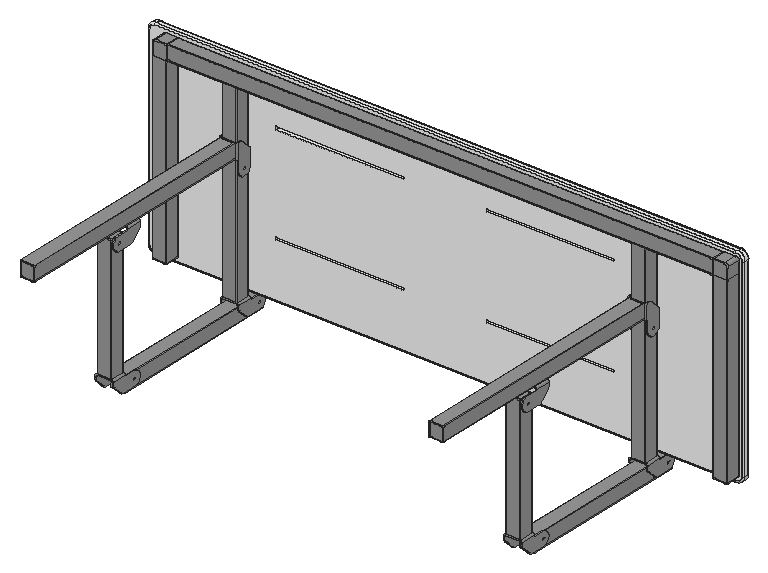
Revit family "Care Support Shower Seat", category Specialty Equipment, host Face, Revit 2020 (continued)
Lines and regions (mm)
  Masking region 1
    outline origin (0, 470, 500) x (0, 0, 1) y (1, 0, 0)
      loop
        arc (-476, -362.5) -> (-475.293, -362.207) -> (-475, -361.5) r 1
  Masking region 2
    outline origin (300, -500, 0) x (0, 1, 0) y (0, 0, 1)
      loop
        line (931.75, 255) -> (721.75, 255) -> (721.75, 248.142)
        arc (721.75, 248.142) -> (720.989, 244.316) -> (718.821, 241.071) r 10
        line (718.821, 241.071) -> (706.679, 228.929)
        arc (706.679, 228.929) -> (703.434, 226.761) -> (699.608, 226) r 10
        line (699.608, 226) -> (690, 226) -> (690, 33.25) -> (690, 29.75)
        arc (690, 29.75) -> (690.586, 28.336) -> (692, 27.75) r 2
        line (692, 27.75) -> (709.25, 27.75)
        arc (709.25, 27.75) -> (713.269, 27.041) -> (716.804, 25) r 11.75
        line (716.804, 25) -> (933.097, 25)
        arc (933.097, 25) -> (933.024, 25.695) -> (933, 26.392) r 10
        line (933, 26.392) -> (933, 254.561)
        arc (933, 254.561) -> (932.412, 254.887) -> (931.75, 255) r 2
      loop
        line (500, 255) -> (696.75, 255) -> (696.75, 251.5)
        arc (696.75, 251.5) -> (696.164, 250.086) -> (694.75, 249.5) r 2
        line (694.75, 249.5) -> (677.5, 249.5)
        arc (677.5, 249.5) -> (674.79, 249.183) -> (672.226, 248.25) r 11.75
        line (672.226, 248.25) -> (666, 248.25)
        arc (666, 248.25) -> (665.293, 247.957) -> (665, 247.25) r 1
        line (665, 247.25) -> (665, 33.25) -> (665, 26.392)
        arc (665, 26.392) -> (665.761, 22.566) -> (667.929, 19.321) r 10
        line (667.929, 19.321) -> (680.071, 7.179)
        arc (680.071, 7.179) -> (683.316, 5.011) -> (687.142, 4.25) r 10
        line (687.142, 4.25) -> (695.25, 4.25) -> (695.25, 0) -> (988.5, 0)
        arc (988.5, 0) -> (989.207, 0.293) -> (989.5, 1) r 1
        line (989.5, 1) -> (989.5, 24)
        arc (989.5, 24) -> (989.207, 24.707) -> (988.5, 25) r 1
        line (988.5, 25) -> (984.804, 25)
        arc (984.804, 25) -> (981.269, 27.041) -> (977.25, 27.75) r 11.75
        line (977.25, 27.75) -> (960, 27.75)
        arc (960, 27.75) -> (958.586, 28.336) -> (958, 29.75) r 2
        line (958, 29.75) -> (958, 42.5)
        arc (958, 42.5) -> (958.732, 40.732) -> (960.5, 40) r 2.5
        line (960.5, 40) -> (967.5, 40)
        arc (967.5, 40) -> (969.268, 40.732) -> (970, 42.5) r 2.5
        line (970, 42.5) -> (970, 392.5)
        arc (970, 392.5) -> (969.268, 394.268) -> (967.5, 395) r 2.5
        line (967.5, 395) -> (960.5, 395)
        arc (960.5, 395) -> (958.732, 394.268) -> (958, 392.5) r 2.5
        line (958, 392.5) -> (958, 387.5) -> (933, 387.5) -> (933, 280) -> (500, 280) -> (500, 255)
  Masking region 3
    outline origin (0, -500, 362.5) x (-1, 0, 0) y (0, -1, 0)
      loop
        arc (507.5, -970) -> (509.268, -969.268) -> (510, -967.5) r 2.5
        line (510, -967.5) -> (510, -960.5)
        arc (510, -960.5) -> (509.268, -958.732) -> (507.5, -958) r 2.5
        line (507.5, -958) -> (502.5, -958) -> (502.5, -933) -> (362.5, -933) -> (362.5, -721.75) -> (365.8, -721.75) -> (365.8, -696.75) -> (365.8, -665.75) -> (363.8, -665.75) -> (363.8, -696.75) -> (362.5, -696.75) -> (362.5, -500) -> (337.5, -500) -> (337.5, -696.75) -> (336.2, -696.75) -> (336.2, -665.75) -> (334.2, -665.75) -> (334.2, -696.75) -> (334.2, -721.75) -> (337.5, -721.75) -> (337.5, -933) -> (-337.5, -933) -> (-337.5, -721.75) -> (-334.2, -721.75) -> (-334.2, -696.75) -> (-334.2, -665.75) -> (-336.2, -665.75) -> (-336.2, -696.75) -> (-337.5, -696.75) -> (-337.5, -500) -> (-362.5, -500) -> (-362.5, -696.75) -> (-363.8, -696.75) -> (-363.8, -665.75) -> (-365.8, -665.75) -> (-365.8, -696.75) -> (-365.8, -721.75) -> (-362.5, -721.75) -> (-362.5, -933) -> (-502.5, -933) -> (-502.5, -958) -> (-507.5, -958)
        arc (-507.5, -958) -> (-509.268, -958.732) -> (-510, -960.5) r 2.5
        line (-510, -960.5) -> (-510, -967.5)
        arc (-510, -967.5) -> (-509.268, -969.268) -> (-507.5, -970) r 2.5
        line (-507.5, -970) -> (-365.8, -970) -> (-365.8, -989) -> (-363.8, -989) -> (-363.8, -970) -> (-362.5, -970) -> (-362.5, -988.5)
        arc (-362.5, -988.5) -> (-362.207, -989.207) -> (-361.5, -989.5) r 1
        line (-361.5, -989.5) -> (-338.5, -989.5)
        arc (-338.5, -989.5) -> (-337.793, -989.207) -> (-337.5, -988.5) r 1
        line (-337.5, -988.5) -> (-337.5, -970) -> (-336.2, -970) -> (-336.2, -989) -> (-334.2, -989) -> (-334.2, -970) -> (334.2, -970) -> (334.2, -989) -> (336.2, -989) -> (336.2, -970) -> (337.5, -970) -> (337.5, -988.5)
        arc (337.5, -988.5) -> (337.793, -989.207) -> (338.5, -989.5) r 1
        line (338.5, -989.5) -> (361.5, -989.5)
        arc (361.5, -989.5) -> (362.207, -989.207) -> (362.5, -988.5) r 1
        line (362.5, -988.5) -> (362.5, -970) -> (363.8, -970) -> (363.8, -989) -> (365.8, -989) -> (365.8, -970) -> (507.5, -970)
  symbolic lines
    curve 1: line (300, 433, 280) -> (300, 428.25, 280)
    curve 2: line (300, 428.25, 280) -> (300, 0, 280)
    curve 3: line (300, 0, 280) -> (300, 0, 255)
    curve 4: line (300, 0, 255) -> (300, 431.75, 255)
    curve 5: line (300, 458, 33.25) -> (300, 458, 29.75)
    curve 6: arc (300, 458, 29.75) -> (300, 458.586, 28.336) -> (300, 460, 27.75) r 2
    curve 7: line (300, 460, 27.75) -> (300, 477.25, 27.75)
    curve 8: arc (300, 477.25, 27.75) -> (300, 489, 16) -> (300, 477.25, 4.25) r 11.75
    curve 9: line (300, 477.25, 4.25) -> (300, 455.142, 4.25)
    curve 10: arc (300, 455.142, 4.25) -> (300, 451.316, 5.011) -> (300, 448.071, 7.179) r 10
    curve 11: line (300, 448.071, 7.179) -> (300, 435.929, 19.321)
    curve 12: arc (300, 435.929, 19.321) -> (300, 433.761, 22.566) -> (300, 433, 26.392) r 10
    curve 13: line (300, 433, 26.392) -> (300, 433, 33.25)
    curve 14: line (300, 433, 33.25) -> (300, 433, 387.5)
    curve 15: line (300, 433, 387.5) -> (300, 458, 387.5)
    curve 16: line (300, 470, 42.5) -> (300, 470, 392.5)
    curve 17: arc (300, 470, 392.5) -> (300, 469.268, 394.268) -> (300, 467.5, 395) r 2.5
    curve 18: line (300, 467.5, 395) -> (300, 460.5, 395)
    curve 19: arc (300, 460.5, 395) -> (300, 458.732, 394.268) -> (300, 458, 392.5) r 2.5
    curve 20: line (300, 458, 392.5) -> (300, 458, 42.5)
    curve 21: arc (300, 458, 42.5) -> (300, 458.732, 40.732) -> (300, 460.5, 40) r 2.5
    curve 22: line (300, 460.5, 40) -> (300, 467.5, 40)
    curve 23: arc (300, 467.5, 40) -> (300, 469.268, 40.732) -> (300, 470, 42.5) r 2.5
    curve 24: line (300, 458, 47.5) -> (300, 433, 47.5)
    curve 25: line (300, 433, 33.25) -> (300, 458, 33.25)
    curve 26: line (300, 195.25, 4.25) -> (300, 195.25, 0)
    curve 27: line (300, 195.25, 0) -> (300, 488.5, 0)
    curve 28: arc (300, 488.5, 0) -> (300, 489.207, 0.293) -> (300, 489.5, 1) r 1
    curve 29: line (300, 489.5, 1) -> (300, 489.5, 24)
    curve 30: arc (300, 489.5, 24) -> (300, 489.207, 24.707) -> (300, 488.5, 25) r 1
    curve 31: line (300, 488.5, 25) -> (300, 484.804, 25)
    curve 32: line (300, 216.804, 25) -> (300, 433.097, 25)
    curve 33: circle (300, 477.25, 16) r 3.1 normal (1, 0, 0)
    curve 34: line (300, 209.25, 4.25) -> (300, 187.142, 4.25)
    curve 35: arc (300, 187.142, 4.25) -> (300, 183.316, 5.011) -> (300, 180.071, 7.179) r 10
    curve 36: line (300, 180.071, 7.179) -> (300, 167.929, 19.321)
    curve 37: arc (300, 167.929, 19.321) -> (300, 165.761, 22.566) -> (300, 165, 26.392) r 10
    curve 38: line (300, 165, 26.392) -> (300, 165, 33.25)
    curve 39: line (300, 165, 33.25) -> (300, 190, 33.25)
    curve 40: line (300, 190, 33.25) -> (300, 190, 29.75)
    curve 41: arc (300, 190, 29.75) -> (300, 190.586, 28.336) -> (300, 192, 27.75) r 2
    curve 42: line (300, 192, 27.75) -> (300, 209.25, 27.75)
    curve 43: arc (300, 209.25, 27.75) -> (300, 221, 16) -> (300, 209.25, 4.25) r 11.75
    curve 44: circle (300, 209.25, 16) r 3.1 normal (1, 0, 0)
    curve 45: line (300, 190, 33.25) -> (300, 190, 226)
    curve 46: line (300, 165, 33.25) -> (300, 165, 247.25)
    curve 47: line (300, 206.679, 228.929) -> (300, 218.821, 241.071)
    curve 48: arc (300, 218.821, 241.071) -> (300, 220.989, 244.316) -> (300, 221.75, 248.142) r 10
    curve 49: line (300, 221.75, 248.142) -> (300, 221.75, 255)
    curve 50: line (300, 196.75, 255) -> (300, 196.75, 251.5)
    curve 51: arc (300, 196.75, 251.5) -> (300, 196.164, 250.086) -> (300, 194.75, 249.5) r 2
    curve 52: line (300, 194.75, 249.5) -> (300, 177.5, 249.5)
    curve 53: arc (300, 177.5, 249.5) -> (300, 165.75, 237.75) -> (300, 177.5, 226) r 11.75
    curve 54: line (300, 177.5, 226) -> (300, 199.608, 226)
    curve 55: arc (300, 199.608, 226) -> (300, 203.434, 226.761) -> (300, 206.679, 228.929) r 10
    curve 56: arc (300, 166, 248.25) -> (300, 165.293, 247.957) -> (300, 165, 247.25) r 1
    curve 57: line (300, 172.226, 248.25) -> (300, 166, 248.25)
    curve 58: circle (300, 177.5, 237.75) r 3.1 normal (-1, 0, 0)
    curve 59: line (300, 428.25, 280) -> (300, 428.25, 255)
    curve 60: line (-337.5, 433, 362.5) -> (-337.5, 0, 362.5)
    curve 61: line (-337.5, 0, 362.5) -> (-362.5, 0, 362.5)
    curve 62: line (-362.5, 0, 362.5) -> (-362.5, 433, 362.5)
    curve 63: line (337.5, 433, 362.5) -> (337.5, 0, 362.5)
    curve 64: line (337.5, 0, 362.5) -> (362.5, 0, 362.5)
    curve 65: line (362.5, 0, 362.5) -> (362.5, 433, 362.5)
    curve 66: line (-502.5, 458, 362.5) -> (-502.5, 433, 362.5)
    curve 67: line (-502.5, 433, 362.5) -> (502.5, 433, 362.5)
    curve 68: line (502.5, 433, 362.5) -> (502.5, 458, 362.5)
    curve 69: line (507.5, 458, 362.5) -> (-507.5, 458, 362.5)
    curve 70: arc (-507.5, 458, 362.5) -> (-509.268, 458.732, 362.5) -> (-510, 460.5, 362.5) r 2.5
    curve 71: line (-510, 460.5, 362.5) -> (-510, 467.5, 362.5)
    curve 72: arc (-510, 467.5, 362.5) -> (-509.268, 469.268, 362.5) -> (-507.5, 470, 362.5) r 2.5
    curve 73: line (-507.5, 470, 362.5) -> (507.5, 470, 362.5)
    curve 74: arc (507.5, 470, 362.5) -> (509.268, 469.268, 362.5) -> (510, 467.5, 362.5) r 2.5
    curve 75: line (510, 467.5, 362.5) -> (510, 460.5, 362.5)
    curve 76: arc (510, 460.5, 362.5) -> (509.268, 458.732, 362.5) -> (507.5, 458, 362.5) r 2.5
    curve 77: line (334.2, 470, 362.5) -> (334.2, 489, 362.5)
    curve 78: line (334.2, 489, 362.5) -> (336.2, 489, 362.5)
    curve 79: line (336.2, 489, 362.5) -> (336.2, 470, 362.5)
    curve 80: line (362.5, 470, 362.5) -> (362.5, 488.5, 362.5)
    curve 81: arc (362.5, 488.5, 362.5) -> (362.207, 489.207, 362.5) -> (361.5, 489.5, 362.5) r 1
    curve 82: line (361.5, 489.5, 362.5) -> (338.5, 489.5, 362.5)
    curve 83: arc (338.5, 489.5, 362.5) -> (337.793, 489.207, 362.5) -> (337.5, 488.5, 362.5) r 1
    curve 84: line (337.5, 488.5, 362.5) -> (337.5, 470, 362.5)
    curve 85: line (365.8, 470, 362.5) -> (365.8, 489, 362.5)
    curve 86: line (365.8, 489, 362.5) -> (363.8, 489, 362.5)
    curve 87: line (363.8, 489, 362.5) -> (363.8, 470, 362.5)
    curve 88: line (-334.2, 470, 362.5) -> (-334.2, 489, 362.5)
    curve 89: line (-334.2, 489, 362.5) -> (-336.2, 489, 362.5)
    curve 90: line (-336.2, 489, 362.5) -> (-336.2, 470, 362.5)
    curve 91: line (-362.5, 470, 362.5) -> (-362.5, 488.5, 362.5)
    curve 92: arc (-362.5, 488.5, 362.5) -> (-362.207, 489.207, 362.5) -> (-361.5, 489.5, 362.5) r 1
    curve 93: line (-361.5, 489.5, 362.5) -> (-338.5, 489.5, 362.5)
    curve 94: arc (-338.5, 489.5, 362.5) -> (-337.793, 489.207, 362.5) -> (-337.5, 488.5, 362.5) r 1
    curve 95: line (-337.5, 488.5, 362.5) -> (-337.5, 470, 362.5)
    curve 96: line (-365.8, 470, 362.5) -> (-365.8, 489, 362.5)
    curve 97: line (-365.8, 489, 362.5) -> (-363.8, 489, 362.5)
    curve 98: line (-363.8, 489, 362.5) -> (-363.8, 470, 362.5)
    curve 99: line (-337.5, 196.75, 362.5) -> (-334.2, 196.75, 362.5)
    curve 100: line (-334.2, 196.75, 362.5) -> (-334.2, 165.75, 362.5)
    curve 101: line (-334.2, 165.75, 362.5) -> (-336.2, 165.75, 362.5)
    curve 102: line (-336.2, 165.75, 362.5) -> (-336.2, 196.75, 362.5)
    curve 103: line (-363.8, 196.75, 362.5) -> (-363.8, 165.75, 362.5)
    curve 104: line (-363.8, 165.75, 362.5) -> (-365.8, 165.75, 362.5)
    curve 105: line (-365.8, 165.75, 362.5) -> (-365.8, 196.75, 362.5)
    curve 106: line (-365.8, 196.75, 362.5) -> (-362.5, 196.75, 362.5)
    curve 107: line (-365.8, 196.75, 362.5) -> (-365.8, 221.75, 362.5)
    curve 108: line (-365.8, 221.75, 362.5) -> (-362.5, 221.75, 362.5)
    curve 109: line (-334.2, 221.75, 362.5) -> (-337.5, 221.75, 362.5)
    curve 110: line (-334.2, 196.75, 362.5) -> (-334.2, 221.75, 362.5)
    curve 111: line (363.8, 196.75, 362.5) -> (363.8, 165.75, 362.5)
    curve 112: line (363.8, 165.75, 362.5) -> (365.8, 165.75, 362.5)
    curve 113: line (365.8, 165.75, 362.5) -> (365.8, 196.75, 362.5)
    curve 114: line (365.8, 196.75, 362.5) -> (365.8, 221.75, 362.5)
    curve 115: line (365.8, 221.75, 362.5) -> (362.5, 221.75, 362.5)
    curve 116: line (336.2, 196.75, 362.5) -> (336.2, 165.75, 362.5)
    curve 117: line (336.2, 165.75, 362.5) -> (334.2, 165.75, 362.5)
    curve 118: line (334.2, 165.75, 362.5) -> (334.2, 196.75, 362.5)
    curve 119: line (334.2, 196.75, 362.5) -> (334.2, 221.75, 362.5)
    curve 120: line (334.2, 221.75, 362.5) -> (337.5, 221.75, 362.5)
    curve 121: line (337.5, 196.75, 362.5) -> (334.2, 196.75, 362.5)
    curve 122: line (362.5, 196.75, 362.5) -> (365.8, 196.75, 362.5)
    curve 123: line (497.5, 470, 395) -> (-497.5, 470, 395)
    curve 124: arc (-497.5, 470, 395) -> (-506.339, 470, 391.339) -> (-510, 470, 382.5) r 12.5
    curve 125: line (-510, 470, 382.5) -> (-510, 470, 52.5)
    curve 126: arc (-510, 470, 52.5) -> (-506.339, 470, 43.661) -> (-497.5, 470, 40) r 12.5
    curve 127: line (-497.5, 470, 40) -> (497.5, 470, 40)
    curve 128: arc (497.5, 470, 40) -> (506.339, 470, 43.661) -> (510, 470, 52.5) r 12.5
    curve 129: line (510, 470, 52.5) -> (510, 470, 382.5)
    curve 130: arc (510, 470, 382.5) -> (506.339, 470, 391.339) -> (497.5, 470, 395) r 12.5
    curve 131: line (290, 470, 305) -> (70, 470, 305)
    curve 132: line (70, 470, 305) -> (70, 470, 310)
    curve 133: line (70, 470, 310) -> (290, 470, 310)
    curve 134: line (290, 470, 310) -> (290, 470, 305)
    curve 135: line (290, 470, 135) -> (70, 470, 135)
    curve 136: line (70, 470, 135) -> (70, 470, 140)
    curve 137: line (70, 470, 140) -> (290, 470, 140)
    curve 138: line (290, 470, 140) -> (290, 470, 135)
    curve 139: line (-70, 470, 140) -> (-290, 470, 140)
    curve 140: line (-290, 470, 140) -> (-290, 470, 135)
    curve 141: line (-290, 470, 135) -> (-70, 470, 135)
    curve 142: line (-70, 470, 135) -> (-70, 470, 140)
    curve 143: line (-290, 470, 305) -> (-70, 470, 305)
    curve 144: line (-70, 470, 305) -> (-70, 470, 310)
    curve 145: line (-70, 470, 310) -> (-290, 470, 310)
    curve 146: line (-290, 470, 310) -> (-290, 470, 305)
    curve 147: line (338.5, 470, 0) -> (361.5, 470, 0)
    curve 148: arc (361.5, 470, 0) -> (362.207, 470, 0.293) -> (362.5, 470, 1) r 1
    curve 149: line (362.5, 470, 1) -> (362.5, 470, 24)
    curve 150: arc (362.5, 470, 24) -> (362.207, 470, 24.707) -> (361.5, 470, 25) r 1
    curve 151: line (361.5, 470, 25) -> (338.5, 470, 25)
    curve 152: arc (338.5, 470, 25) -> (337.793, 470, 24.707) -> (337.5, 470, 24) r 1
    curve 153: line (337.5, 470, 24) -> (337.5, 470, 1)
    curve 154: arc (337.5, 470, 1) -> (337.793, 470, 0.293) -> (338.5, 470, 0) r 1
    curve 155: line (337.5, 470, 40) -> (337.5, 470, 33.188)
    curve 156: line (362.5, 470, 40) -> (362.5, 470, 33.188)
    curve 157: line (338.2, 470, 31.25) -> (361.8, 470, 31.25)
    curve 158: arc (361.8, 470, 31.25) -> (363.214, 470, 30.664) -> (363.8, 470, 29.25) r 2
    curve 159: line (363.8, 470, 29.25) -> (363.8, 470, 4.25)
    curve 160: line (363.8, 470, 4.25) -> (365.8, 470, 4.25)
    curve 161: line (365.8, 470, 4.25) -> (365.8, 470, 29.25)
    curve 162: arc (365.8, 470, 29.25) -> (364.628, 470, 32.078) -> (361.8, 470, 33.25) r 4
    curve 163: line (361.8, 470, 33.25) -> (338.2, 470, 33.25)
    curve 164: arc (338.2, 470, 33.25) -> (335.372, 470, 32.078) -> (334.2, 470, 29.25) r 4
    curve 165: line (334.2, 470, 29.25) -> (334.2, 470, 4.25)
    curve 166: line (334.2, 470, 4.25) -> (336.2, 470, 4.25)
    curve 167: line (336.2, 470, 4.25) -> (336.2, 470, 29.25)
    curve 168: arc (336.2, 470, 29.25) -> (336.786, 470, 30.664) -> (338.2, 470, 31.25) r 2
    curve 169: line (-365.8, 470, 4.25) -> (-365.8, 470, 29.25)
    curve 170: arc (-365.8, 470, 29.25) -> (-364.628, 470, 32.078) -> (-361.8, 470, 33.25) r 4
    curve 171: line (-361.8, 470, 33.25) -> (-338.2, 470, 33.25)
    curve 172: arc (-338.2, 470, 33.25) -> (-335.372, 470, 32.078) -> (-334.2, 470, 29.25) r 4
    curve 173: line (-334.2, 470, 29.25) -> (-334.2, 470, 4.25)
    curve 174: line (-334.2, 470, 4.25) -> (-336.2, 470, 4.25)
    curve 175: line (-336.2, 470, 4.25) -> (-336.2, 470, 29.25)
    curve 176: arc (-336.2, 470, 29.25) -> (-336.786, 470, 30.664) -> (-338.2, 470, 31.25) r 2
    curve 177: line (-338.2, 470, 31.25) -> (-361.8, 470, 31.25)
    curve 178: arc (-361.8, 470, 31.25) -> (-363.214, 470, 30.664) -> (-363.8, 470, 29.25) r 2
    curve 179: line (-363.8, 470, 29.25) -> (-363.8, 470, 4.25)
    curve 180: line (-363.8, 470, 4.25) -> (-365.8, 470, 4.25)
    curve 181: line (-361.5, 470, 25) -> (-338.5, 470, 25)
    curve 182: arc (-338.5, 470, 25) -> (-337.793, 470, 24.707) -> (-337.5, 470, 24) r 1
    curve 183: line (-337.5, 470, 24) -> (-337.5, 470, 1)
    curve 184: arc (-337.5, 470, 1) -> (-337.793, 470, 0.293) -> (-338.5, 470, 0) r 1
    curve 185: line (-338.5, 470, 0) -> (-361.5, 470, 0)
    curve 186: arc (-361.5, 470, 0) -> (-362.207, 470, 0.293) -> (-362.5, 470, 1) r 1
    curve 187: line (-362.5, 470, 1) -> (-362.5, 470, 24)
    curve 188: arc (-362.5, 470, 24) -> (-362.207, 470, 24.707) -> (-361.5, 470, 25) r 1
    curve 189: line (-362.5, 470, 40) -> (-362.5, 470, 33.188)
    curve 190: line (-337.5, 470, 40) -> (-337.5, 470, 33.188)
    curve 191: arc (300, 431.75, 255) -> (300, 432.412, 254.887) -> (300, 433, 254.561) r 2
Dimensions and locks
  aligned and locked: plane 2 to host face
  aligned and locked: level to host face
Types (3, lengths in mm): name | Model | Material_Frame | Material_Seat | Description
  (no name) | "687397W" | GWA-Metal | GWA-Plastic-White | "CARE SUPPORT SHOWER SEAT - WHITE"
  CARE SUPPORT SHOWER SEAT - WHITE | "687397W" | GWA-Metal | GWA-Plastic-White | "CARE SUPPORT SHOWER SEAT - WHITE"
  CARE SUPPORT SHOWER SEAT - BLACK | "687397B" | GWA-Metal-Black | GWA-Plastic-Black | "CARE SUPPORT SHOWER SEAT - BLACK"
